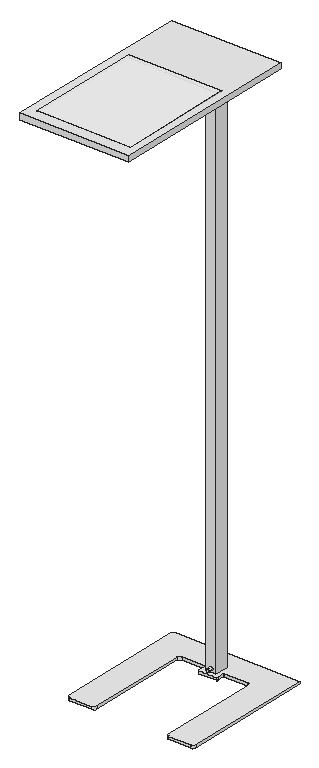
Revit family "0060788 Sylvania Lighting Fixture FREEOFFICE DIRECT INDIRECT 12KLM PIR GREY EC", category Lighting Fixtures, host Face, Revit 2016
Family settings
  Host = Face
  Part Type = Normal
  Round Connector Dimension = Use Diameter
  OmniClass Number = 23.80.70.11.17
  OmniClass Title = Specialized Lighting by Location or Use
  Cut with Voids When Loaded = No
  Light Source = Yes
  Shared = No
  Room Calculation Point = No
Parameters (values of type "0060788 FREEOFFICE D/I 12 PIR GREY EC")
  Weight = "22.8 kg"
  Wattage = 93 W
  WarrantyStartDate [instance] = "n/a"
  WarrantyGuarantorParts = "n/a"
  WarrantyDurationUnit = "n/a"
  WarrantyDurationParts = "n/a"
  WarrantyDescription = "n/a"
  built-in parameter 1150110 = 1 (stored number, unit not read)
  Voltage = 230 V
  TypeName = "FREEOFFICE DIRECT/INDIRECT 12KLM PIR GREY EC"
  built-in parameter 1114217 = 1 (stored number, unit not read)
  Tilt Angle = -90°
  built-in parameter 1150109 = 1 (stored number, unit not read)
  built-in parameter 1150134 = 12
  built-in parameter 1150113 = 1 (stored number, unit not read)
  SerialNumber [instance] = "n/a"
  Radius_FEILO = 165.0 mm
  URL = "http://www.sylvania-lighting.com"
  PowerFactor = 0.96
  PowerConsumption = "93 W"
  Photometric Web File = "0060788.ies"
  PIR_SYL = yes
  NominalWidth = 0.0 mm
  NominalLength = 690.0 mm
  NominalHeight = 2030.0 mm
  Name = "FREEOFFICE DIRECT/INDIRECT 12KLM PIR GREY EC"
  ModelReference = "FREEOFFICE DIRECT/INDIRECT 12KLM PIR GREY EC"
  ModelNumber = "0060788"
  Material_3_SYL = Body-Sylvania-FreeOffice-BLK
  Material_2_SYL = Polycarbonate_Sylvania_Sylcircle_Opal
  Material_1_SYL = Body-Sylvania-FreeOffice-GR
  Material = "head and pole : powder coated aluminium. stand: powder coated steel housing, pmma diffuser"
  ManufacturerName = "Feilo Sylvania"
  LuminousEfficacy = "131 lm/W"
  built-in parameter 1150105 = 3688.2 (stored number, unit not read)
  Lumens = 12183 lm
  LuminaireType = ""
  built-in parameter 1150115 = 1 (stored number, unit not read)
  LightOutputRatio = "n/a"
  built-in parameter 1150137 = (empty or 0)
  built-in parameter 1150139 = (empty or 0)
  LampsType = Lamp  # "LED"
  LampNominalLuminous = "12150 lm"
  LampMacAdamStep = "3"
  LampColourTemperature = "4000 K"
  LampColourRenderingIndex = "80"
  built-in parameter 1150112 = 1 (stored number, unit not read)
  built-in parameter 1150114 = 1 (stored number, unit not read)
  Keynote = "16500"
  InstallationDate [instance] = "n/a"
  InputVoltage = "220-240V~"
  InputNominalFrequency = "50/60 Hz"
  built-in parameter 1150132 = (empty or 0)
  built-in parameter 1150102 = (empty or 0)
  built-in parameter 1150107 = 4000 (stored number, unit not read)
  built-in parameter 1150138 = (empty or 0)
  IngressProtection = "IP20"
  ImpactProtectionIndex = "IK02"
  built-in parameter 1150106 = 36.882 (stored number, unit not read)
  IfcExportType = "IfcLightFixtureType"
  IfcExportAs = "IfcLightFixtureType"
  Height_FEILO = 96.0 mm
  ExpectedLife = 50000
  Emit from Rectangle Width = 340.1 mm
  Emit from Rectangle Length = 564.6 mm
  Emit Shape Visible in Rendering = no
  ElectricShockClassification = "Class I"
  built-in parameter 1150104 = 12.17 (stored number, unit not read)
  DurationUnit = "hours"
  DocumentationLiterature = "http://www.sylvania-lighting.com/product/en-int/products/0060788"
  DimmingControlOptions = "Dimmable"
  Dimming Lamp Color Temperature Shift = <None>
  Diameter_FEILO = 2 * Radius_FEILO  # 330.0 mm
  CreatedOn = "12/5/2018"
  CreatedBy = "@sylvania-lighting.com"
  Color Filter = 16777215
  built-in parameter 1114216 [instance] = 1 (stored number, unit not read)
  Model = "FREEOFFICE DIRECT/INDIRECT 12KLM PIR GREY EC"
  Manufacturer = "Feilo Sylvania"
  Lamp = "LED"
  Description = "FREEOFFICE DIRECT/INDIRECT 12KLM PIR GREY EC is a highly efficient free-standing floor lamp providing optimal illumination for single and twin workstations. 80% uplight and 20% downlight ratio for ambient and task lighting from a single luminaire. Microprismatic PMMA optics for advanced glare control. Grey RAL7035 powder coated luminaire body. Aluminium head and pole for high-quality appearance, steel stand for higher stability. Luminaire dimensions: Head: 690x397x25mm, Stand: 480x460x16mm, Pole: 55x35x2030mm. Operated and dimmed with a push button located in the pole at a height suitable to be used with adjustable height desks. Equipped with presence and daylight sensor. Up and downlight dims together. 4000K Neutral White LED, CRI>80, chromaticity tolerance: SDCM<3. Luminous flux: 12150lm. Power consumption 93W. Luminaire efficacy: 131lm/W. Lumen maintenance: L80B50=55000h. UGR<16, Luminance at 65°<3000 cd/m2. IK02, IP20. Photobiological safety risk group 0. Electrical protection: Class I. Glow wire test: 650°C. Supplied with 3m cable with DIN 49441-R2 plug."
  Default Elevation = 0.0 mm
  built-in parameter 1140040 [instance] = 1
  BarCode [instance] = "n/a"
  built-in parameter 1114218 = 1 (stored number, unit not read)
  built-in parameter 1150133 = 10 (stored number, unit not read)
  AssetType = "Fixed"
  AssetIdentifier [instance] = "n/a"
  Assembly Code = "D5020200"
  Apparent Load = 93 VA
Reference planes
  plane 1 "Center (Front/Back)": y = 0
  plane 2: z = 0
  plane 3 "Center (Left/Right)": x = 0
  plane 4: z = 2030
  plane 5: x = 230
  plane 6: x = -230
  plane 7: x = 18
  plane 8: x = -18
  plane 9: x = -198.5
  plane 10: x = 198.5
  plane 11: y = 25
  plane 12: y = -25
  plane 13: y = -390.174
  plane 14: y = 89.826
  plane 15: y = -645
  plane 16: y = 44
  plane 17: z = 9
  plane 18: z = 2010
  plane 19: y = -187.327
  plane 20: y = -603.8
  plane 21: x = -170.03
  plane 22: x = 170.03
  plane 23: y = -39.174
  plane 24: z = 2020
  plane 25: x = 130
  plane 26: x = -130
  plane 27: y = -10.174
  plane 28: x = 34
  plane 29: x = -34
  plane 30: y = -39.174
  plane 31: y = -321.487
  plane 32: z = 21
  plane 33: y = -624.4
  plane 34: z = 2009
Forms (mm)
  Extrusion 1, solid, material "Body-Sylvania-FreeOffice-GR" <- "Material_1_SYL"
    sketch origin (-1380.213, -4572, 2010) x (-1, 0, 0) y (0, -1, 0)
      loop
        line (-1181.713, -3927) -> (-1578.713, -3927) -> (-1578.713, -4616) -> (-1181.713, -4616) -> (-1181.713, -3927)
    from 0 to 20
  Extrusion 2, void
    sketch origin (-1380.213, -4572, 2030) x (0, -1, 0) y (-1, 0, 0)
      loop
        line (-4384.673, -1210.183) -> (-4384.673, -1550.243) -> (-3968.2, -1550.243) -> (-3968.2, -1210.183) -> (-4384.673, -1210.183)
    from 0 to 20
  Extrusion 3, void
    sketch origin (-1380.213, -4572, 2010) x (0, -1, 0) y (-1, 0, 0)
      loop
        line (-3968.2, -1210.183) -> (-4532.826, -1210.183) -> (-4532.826, -1550.243) -> (-3968.2, -1550.243) -> (-3968.2, -1210.183)
    from 0 to -10
  Extrusion 4, solid, material "Body-Sylvania-FreeOffice-GR" <- "Material_1_SYL"
    sketch origin (0, 0, 0) x (1, 0, 0) y (0, 1, 0)
      loop
        line (-230, 79.826) -> (-230, -380.174)
        arc (-230, -380.174) -> (-227.071, -387.245) -> (-220, -390.174) r 10
        line (-220, -390.174) -> (-140, -390.174)
        arc (-140, -390.174) -> (-132.929, -387.245) -> (-130, -380.174) r 10
        line (-130, -380.174) -> (-130, -20.174)
        arc (-130, -20.174) -> (-127.071, -13.103) -> (-120, -10.174) r 10
        line (-120, -10.174) -> (-36, -10.174)
        arc (-36, -10.174) -> (-34.586, -10.76) -> (-34, -12.174) r 2
        line (-34, -12.174) -> (-34, -37.174)
        arc (-34, -37.174) -> (-33.414, -38.588) -> (-32, -39.174) r 2
        line (-32, -39.174) -> (32, -39.174)
        arc (32, -39.174) -> (33.414, -38.588) -> (34, -37.174) r 2
        line (34, -37.174) -> (34, -12.174)
        arc (34, -12.174) -> (34.586, -10.76) -> (36, -10.174) r 2
        line (36, -10.174) -> (120, -10.174)
        arc (120, -10.174) -> (127.071, -13.103) -> (130, -20.174) r 10
        line (130, -20.174) -> (130, -380.174)
        arc (130, -380.174) -> (132.929, -387.245) -> (140, -390.174) r 10
        line (140, -390.174) -> (220, -390.174)
        arc (220, -390.174) -> (227.071, -387.245) -> (230, -380.174) r 10
        line (230, -380.174) -> (230, 89.826) -> (-220, 89.826)
        arc (-220, 89.826) -> (-227.071, 86.897) -> (-230, 79.826) r 10
    from 0 to 9
  Extrusion 5, solid, material "Body-Sylvania-FreeOffice-GR" <- "Material_1_SYL"
    sketch origin (645.563, -4597, 9) x (0, -1, 0) y (-1, 0, 0)
      loop
        line (-4622, 663.563) -> (-4622, 627.563) -> (-4572, 627.563) -> (-4572, 663.563) -> (-4622, 663.563)
    from 0 to -2001
  Extrusion 6, solid, material "Body-Sylvania-FreeOffice-GR" <- "Material_1_SYL"
    sketch origin (747.1, -25, 1219.2) x (1, 0, 0) y (0, 0, 1)
      loop
        circle (-747.1, -1198.2) r 5
    from 0 to 14.174
  Extrusion 7, solid, material "Polycarbonate_Sylvania_Sylcircle_Opal" <- "Material_2_SYL"
    sketch origin (-1380.213, -4572, 2030) x (-1, 0, 0) y (0, -1, 0)
      loop
        line (-1550.243, -3968.2) -> (-1550.243, -4384.673) -> (-1210.183, -4384.673) -> (-1210.183, -3968.2) -> (-1550.243, -3968.2)
    from 0 to -10
  Extrusion 8, solid, material "Polycarbonate_Sylvania_Sylcircle_Opal" <- "Material_2_SYL"
    sketch origin (-1380.213, -4572, 2010) x (-1, 0, 0) y (0, -1, 0)
      loop
        line (-1210.183, -4532.826) -> (-1210.183, -3968.2) -> (-1550.243, -3968.2) -> (-1550.243, -4532.826) -> (-1210.183, -4532.826)
    from 0 to 10
  Revolve 9, solid, material "Body-Sylvania-FreeOffice-BLK" <- "Material_3_SYL", visible <- "PIR_SYL"
    sketch origin (747.1, -624.4, 1219.2) x (1, 0, 0) y (0, 0, 1)
      loop
        line (-757.1, 789.8) -> (-754.426, 789.8)
        arc (-754.426, 789.8) -> (-751.007, 787.781) -> (-747.1, 787.079) r 11.221
        line (-747.1, 787.079) -> (-747.1, 790.8) -> (-757.1, 790.8) -> (-757.1, 789.8)
      axis (-747.1, 790.8) -> (-747.1, 787.079)
    angle from 0 to 360
Cuts and joins
  Extrusion 2, Extrusion 3 cuts Extrusion 1
Lines and regions (mm)
  reference lines
    curve 1: circle (0, 0, 21) r 5 normal (0, -1, 0)
    curve 2: circle (0, -624.4, 2010) r 10 normal (0, 0, 1)
Dimensions and locks
  equal spacing: plane 12, plane 1 "Center (Front/Back)", plane 11
  locked: plane 12 to plane 11 at 50
  equal spacing: plane 8, plane 3 "Center (Left/Right)", plane 7
  plane 8 to plane 7 = 36.0 mm
  equal spacing: plane 9, plane 3 "Center (Left/Right)", plane 10
  plane 9 to plane 10 = 397.0 mm
  equal spacing: plane 6, plane 3 "Center (Left/Right)", plane 5
  locked: plane 6 to plane 5 at 460
  locked: plane 4 to plane 2 at 2030
  locked: plane 13 to plane 1 "Center (Front/Back)" at 390.174
  locked: plane 13 to plane 14 at 480
  locked: plane 15 to plane 1 "Center (Front/Back)" at 645
  locked: plane 15 to plane 16 at 689
  locked: plane 17 to plane 2 at 9
  locked: plane 4 to plane 18 at 20
  locked: plane 19 to plane 1 "Center (Front/Back)" at 187.327
  locked: plane 20 to plane 19 at 416.473
  equal spacing: plane 21, plane 3 "Center (Left/Right)", plane 22
  plane 21 to plane 22 = 340.059 mm
  locked: plane 20 to plane 23 at 564.626
  equal spacing: plane 4, plane 24, plane 18
  equal spacing: plane 26, plane 3 "Center (Left/Right)", plane 25
  locked: plane 26 to plane 25 at 260
  locked: plane 27 to plane 14 at 100
  equal spacing: plane 29, plane 3 "Center (Left/Right)", plane 28
  locked: plane 29 to plane 28 at 68
  locked: plane 30 to plane 27 at 29
  equal spacing: plane 20, plane 31, plane 23
  locked: plane 32 to host face at 21
  equal spacing: plane 15, plane 33, plane 20
  locked: Revolve 9 sketch curve to plane 18 at 7.5
  locked: plane 18 to plane 34 at 1
  radius of curve 2 = 10.0 mm
  aligned and locked: plane 2 to host face
  aligned and locked: level to host face
  aligned and locked: plane 15 to Extrusion 1 sketch curve
  aligned and locked: Extrusion 1 sketch curve to plane 9
  aligned and locked: Extrusion 1 sketch curve to plane 16
  aligned and locked: plane 10 to Extrusion 1 sketch curve
  aligned and locked: plane 4 to Extrusion 1
  aligned and locked: Extrusion 1 to plane 18
  aligned and locked: Extrusion 2 sketch curve to plane 19
  aligned and locked: plane 20 to Extrusion 2 sketch curve
  aligned and locked: Extrusion 2 to plane 18
  aligned and locked: plane 4 to Extrusion 2
  aligned and locked: plane 21 to Extrusion 2 sketch curve
  aligned and locked: plane 22 to Extrusion 2 sketch curve
  aligned and locked: Extrusion 3 sketch curve to cut or joined group of Extrusion 1, Extrusion 2, Extrusion 3  (x2)
  aligned and locked: plane 23 to Extrusion 3 sketch curve
  aligned and locked: plane 22 to Extrusion 3 sketch curve
  aligned and locked: Extrusion 3 to plane 18
  aligned and locked: plane 24 to Extrusion 3
  aligned and locked: Extrusion 4 sketch curve to plane 14
  aligned and locked: Extrusion 4 sketch curve to plane 6
  aligned and locked: plane 13 to Extrusion 4 sketch curve  (x2)
  aligned and locked: Extrusion 4 sketch curve to plane 26
  aligned and locked: Extrusion 4 sketch curve to plane 25
  aligned and locked: plane 5 to Extrusion 4 sketch curve
  aligned and locked: plane 29 to Extrusion 4 sketch curve
  aligned and locked: plane 30 to Extrusion 4 sketch curve
  aligned and locked: Extrusion 4 sketch curve to plane 28
  aligned and locked: Extrusion 4 sketch curve to plane 27
  aligned and locked: Extrusion 4 to plane 17
  aligned and locked: Extrusion 4 to level
  aligned and locked: Extrusion 5 sketch curve to plane 8
  aligned and locked: plane 7 to Extrusion 5 sketch curve
  aligned and locked: plane 18 to Extrusion 5
  aligned and locked: plane 11 to Extrusion 5 sketch curve
  aligned and locked: Extrusion 5 sketch curve to plane 12
  aligned and locked: plane 24 to imposter light
  aligned and locked: imposter light to plane 3 "Center (Left/Right)"
  aligned and locked: imposter light to plane 31
  aligned and locked: Extrusion 6 sketch curve to curve 1
  aligned and locked: Extrusion 6 to plane 12
  aligned and locked: Extrusion 6 to cut or joined group of Extrusion 1, Extrusion 2, Extrusion 3
  aligned and locked: Extrusion 7 sketch curve to cut or joined group of Extrusion 1, Extrusion 2, Extrusion 3  (x4)
  aligned and locked: Extrusion 7 to plane 4
  aligned and locked: Extrusion 7 to cut or joined group of Extrusion 1, Extrusion 2, Extrusion 3
  aligned and locked: Extrusion 8 sketch curve to cut or joined group of Extrusion 1, Extrusion 2, Extrusion 3  (x4)
  aligned and locked: Extrusion 8 to cut or joined group of Extrusion 1, Extrusion 2, Extrusion 3
  aligned and locked: Extrusion 8 to plane 18
  aligned and locked: plane 3 "Center (Left/Right)" to curve 2
  aligned and locked: plane 33 to curve 2
  aligned and locked: plane 3 "Center (Left/Right)" to Revolve 9 sketch curve  (x2)
  aligned and locked: Revolve 9 sketch curve to plane 3 "Center (Left/Right)"
  aligned and locked: Revolve 9 sketch curve to plane 34
Automatic sketch dimensions
  host sketch curve to host sketch curve = 1305.563 mm
  host sketch curve to host sketch curve = 1283.632 mm
  plane 27 to Extrusion 4 sketch curve = 0.0 mm
  plane 6 to Extrusion 4 sketch curve = 10.0 mm  (x2)
  Extrusion 4 sketch curve to plane 13 = 10.0 mm
  Extrusion 4 sketch curve to plane 26 = 10.0 mm
  Extrusion 4 sketch curve to Extrusion 4 sketch curve = 2.0 mm
  plane 29 to Extrusion 4 sketch curve = 2.0 mm
  Extrusion 4 sketch curve to plane 28 = 2.0 mm
  plane 28 to Extrusion 4 sketch curve = 2.0 mm
  Extrusion 4 sketch curve to plane 25 = 10.0 mm
  Extrusion 4 sketch curve to Extrusion 4 sketch curve = 10.0 mm
  Extrusion 4 sketch curve to plane 5 = 10.0 mm
  curve 1 to plane 3 "Center (Left/Right)" = 0.0 mm
  curve 1 to plane 32 = 0.0 mm
  Revolve 9 sketch curve to plane 18 = 0.0 mm
  Revolve 9 sketch curve to plane 3 "Center (Left/Right)" = 7.326 mm
  Revolve 9 sketch curve to Revolve 9 sketch curve = 2.674 mm
  Revolve 9 sketch curve to level = 94.652 mm
  plane 4 to Revolve 9 sketch curve = 432.257 mm
  radius of curve 1 = 5.0 mm
Connectors
  electrical at (0, -39.174, 21), driven by "PowerFactor", driven by "Voltage", driven by "Apparent Load", driven by "Apparent Load"
    settings: on Extrusion 6, index 1, voltage 230 V, apparent load 93 VA, apparent load phase1 93 VA, apparent load phase2 0 VA, apparent load phase3 0 VA, power factor 0.96, load classification "Other", number of poles 1, system type 30, power factor state 1, is connector primary yes, connector utility no, sub classification motor no, connector description ""
